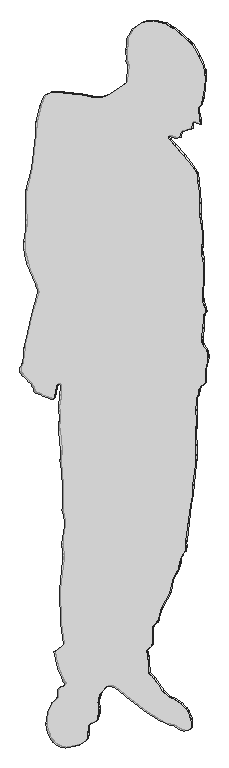
Revit family "Flat Man 09", category Entourage, Revit 2015
Parameters
  Материал = none
  web = "http://dronov.blogspot.com/"
  Height = 0 mm
Reference planes
  plane 1 "Center (Front/Back)": y = 0
  plane 2: z = 0
  plane 3 "Center (Left/Right)": x = 0
Forms (mm)
  Extrusion 1, solid, material <- "Материал"
    sketch origin (0, 0, 0) x (1, 0, 0) y (0, 0, 1)
      loop
        line (174.489, 1433.886) -> (187.804, 1442.414) -> (189.591, 1458.482) -> (209.23, 1460.269) -> (210.989, 1462.448) -> (210.664, 1466.904) -> (209.798, 1471.857) -> (207.37, 1481.768) -> (205.426, 1491.197) -> (205.165, 1495.545) -> (205.304, 1497.596) -> (205.762, 1500.117) -> (206.939, 1502.034) -> (209.137, 1504.922) -> (211.382, 1507.803) -> (212.684, 1509.768) -> (216.643, 1526.497) -> (220.851, 1552.026) -> (223.267, 1578.101) -> (223.128, 1588.61) -> (222.603, 1592.753) -> (222.213, 1594.488) -> (221.731, 1595.974) -> (215.532, 1608.664) -> (206.731, 1622.802) -> (196.948, 1636.025) -> (187.804, 1645.973) -> (185.392, 1647.824) -> (182.676, 1649.375) -> (176.661, 1651.884) -> (164.59, 1656.686) -> (152.84, 1662.27) -> (141.066, 1666.28) -> (129.342, 1668.788) -> (117.74, 1669.867) -> (106.333, 1669.589) -> (95.194, 1668.027) -> (84.397, 1665.254) -> (74.013, 1661.343) -> (64.116, 1656.365) -> (54.78, 1650.393) -> (46.076, 1643.5) -> (38.077, 1635.759) -> (30.858, 1627.242) -> (24.49, 1618.022) -> (19.047, 1608.171) -> (14.601, 1597.761) -> (14.021, 1595.61) -> (13.778, 1593.422) -> (13.96, 1589.22) -> (14.462, 1585.718) -> (14.682, 1583.879) -> (11.503, 1568.164) -> (11.247, 1564.944) -> (11.335, 1561.514) -> (12.814, 1553.121) -> (10.981, 1542.114) -> (13.721, 1538.104) -> (15.482, 1535.436) -> (16.408, 1533.745) -> (12.814, 1492.409) -> (-20.878, 1459.837) -> (-39.049, 1444.488) -> (-58.608, 1431.701) -> (-64.013, 1429.338) -> (-69.698, 1427.777) -> (-81.703, 1426.169) -> (-94.215, 1425.095) -> (-106.823, 1422.771) -> (-156.26, 1409.974) -> (-179.573, 1401.876) -> (-190.13, 1396.741) -> (-199.671, 1390.631) -> (-201.05, 1389.49) -> (-202.391, 1388.15) -> (-204.962, 1384.922) -> (-209.677, 1376.591) -> (-217.548, 1354.956) -> (-228.243, 1312.064) -> (-230.027, 1283.495) -> (-240.74, 1197.786) -> (-255.025, 1140.645) -> (-256.133, 1135.986) -> (-256.859, 1130.947) -> (-257.377, 1119.912) -> (-256.175, 1095.285) -> (-254.845, 1069.679) -> (-255.202, 1057.418) -> (-256.812, 1046.006) -> (-259.037, 1031.47) -> (-260.365, 1013.593) -> (-260.362, 996.299) -> (-259.727, 989.096) -> (-258.596, 983.51) -> (-252.757, 967.295) -> (-245.763, 952.269) -> (-230.027, 924.586) -> (-228.956, 922.531) -> (-228.107, 920.42) -> (-226.731, 916.169) -> (-225.218, 912.109) -> (-224.196, 910.237) -> (-222.885, 908.517) -> (-240.74, 849.593) -> (-256.812, 778.168) -> (-258.835, 769.867) -> (-260.119, 760.982) -> (-261.813, 742.651) -> (-264.577, 725.561) -> (-265.75, 721.762) -> (-267.2, 718.228) -> (-268.968, 714.995) -> (-271.096, 712.101) -> (-271.096, 699.251) -> (-269.144, 697.197) -> (-265.891, 694.65) -> (-257.031, 689.381) -> (-247.615, 684.311) -> (-243.667, 682.012) -> (-240.167, 679.555) -> (-238.767, 677.595) -> (-237.166, 674.675) -> (-235.567, 671.717) -> (-234.652, 670.388) -> (-233.598, 669.244) -> (-233.598, 667.461) -> (-232.557, 666.826) -> (-231.303, 666.259) -> (-228.293, 665.315) -> (-221.212, 664.116) -> (-214.52, 663.696) -> (-211.998, 663.725) -> (-210.384, 663.886) -> (-206.989, 664.308) -> (-203.384, 664.347) -> (-195.989, 663.928) -> (-189.097, 663.936) -> (-187.557, 664.157) -> (-186.119, 664.506) -> (-184.796, 665.005) -> (-183.603, 665.673) -> (-182.868, 666.235) -> (-182.195, 666.878) -> (-181.582, 667.598) -> (-181.023, 668.39) -> (-180.058, 670.169) -> (-179.27, 672.176) -> (-178.107, 676.716) -> (-177.298, 681.691) -> (-175.8, 691.678) -> (-174.638, 696.056) -> (-173.851, 697.952) -> (-172.886, 699.6) -> (-171.103, 704.955) -> (-163.96, 704.955) -> (-164.217, 681.511) -> (-167.531, 656.744) -> (-168, 653.499) -> (-168.136, 650.195) -> (-167.683, 643.595) -> (-165.748, 631.75) -> (-165.45, 627.524) -> (-165.739, 623.519) -> (-167.203, 615.721) -> (-168.385, 607.455) -> (-168.322, 602.864) -> (-167.531, 597.819) -> (-162.177, 547.824) -> (-161.905, 544.723) -> (-162.057, 541.422) -> (-163.068, 534.476) -> (-164.079, 527.507) -> (-164.231, 524.176) -> (-163.96, 521.035) -> (-158.47, 465.365) -> (-158.606, 413.903) -> (-158.741, 411.743) -> (-158.647, 409.53) -> (-157.913, 404.954) -> (-155.264, 395.293) -> (-152.946, 385.116) -> (-152.626, 379.894) -> (-152.801, 377.261) -> (-153.247, 374.617) -> (-158.043, 344.403) -> (-159.221, 328.2) -> (-159.183, 321.277) -> (-158.606, 315.693) -> (-156.808, 304.738) -> (-156.362, 298.37) -> (-156.449, 295.317) -> (-156.818, 292.486) -> (-165.444, 215.94) -> (-163.96, 137.132) -> (-155.031, 88.917) -> (-167.166, 75.943) -> (-173.409, 69.458) -> (-180.032, 63.923) -> (-176.105, 46.344) -> (-169.369, 26.083) -> (-160.822, 7.778) -> (-156.182, 0.809) -> (-153.825, -1.876) -> (-151.463, -3.932) -> (-152.214, -5.794) -> (-153.105, -7.421) -> (-154.115, -8.843) -> (-155.226, -10.089) -> (-157.673, -12.165) -> (-160.289, -13.882) -> (-165.402, -17.163) -> (-166.542, -18.12) -> (-167.588, -19.19) -> (-168.52, -20.401) -> (-169.319, -21.783) -> (-169.974, -23.295) -> (-170.465, -24.798) -> (-171.046, -27.779) -> (-171.244, -33.645) -> (-171.371, -39.383) -> (-171.864, -42.206) -> (-172.298, -43.605) -> (-172.886, -44.997) -> (-174.197, -47.253) -> (-175.868, -49.51) -> (-179.84, -54.014) -> (-183.908, -58.474) -> (-185.697, -60.677) -> (-187.174, -62.856) -> (-193.217, -75.002) -> (-197.888, -88.673) -> (-200.756, -103.063) -> (-201.387, -117.363) -> (-200.728, -124.226) -> (-199.348, -130.764) -> (-197.193, -136.875) -> (-194.207, -142.458) -> (-192.386, -145.02) -> (-190.338, -147.412) -> (-188.055, -149.622) -> (-185.531, -151.637) -> (-182.759, -153.444) -> (-179.732, -155.03) -> (-176.443, -156.384) -> (-172.886, -157.492) -> (-170.17, -158.076) -> (-167.371, -158.418) -> (-161.562, -158.424) -> (-155.536, -157.603) -> (-149.37, -156.049) -> (-136.927, -151.122) -> (-124.85, -144.398) -> (-113.755, -136.633) -> (-104.26, -128.581) -> (-96.981, -120.998) -> (-94.366, -117.618) -> (-92.535, -114.639) -> (-91.639, -112.669) -> (-90.947, -110.684) -> (-90.068, -106.664) -> (-89.544, -98.393) -> (-89.177, -89.764) -> (-88.494, -85.296) -> (-87.18, -80.715) -> (-86.488, -79.163) -> (-85.619, -77.748) -> (-84.596, -76.454) -> (-83.442, -75.263) -> (-80.83, -73.124) -> (-77.962, -71.195) -> (-72.181, -67.421) -> (-69.627, -65.306) -> (-68.513, -64.131) -> (-67.538, -62.856) -> (-65.983, -60.269) -> (-64.713, -57.599) -> (-62.836, -52.124) -> (-60.395, -41.43) -> (-60.068, -39.62) -> (-59.909, -37.813) -> (-59.998, -34.208) -> (-61.16, -27.037) -> (-62.386, -19.92) -> (-62.557, -16.383) -> (-62.449, -14.62) -> (-62.183, -12.861) -> (-60.404, -5.932) -> (-57.839, 1.182) -> (-54.561, 8.228) -> (-50.642, 14.952) -> (-46.158, 21.101) -> (-41.18, 26.423) -> (-35.783, 30.662) -> (-32.95, 32.297) -> (-30.039, 33.567) -> (-29.025, 33.877) -> (-27.942, 34.097) -> (-25.589, 34.284) -> (-23.02, 34.162) -> (-20.272, 33.769) -> (-14.391, 32.312) -> (-8.252, 30.203) -> (12.814, 21.07) -> (69.559, 3.243) -> (103.212, -3.526) -> (117.583, -4.756) -> (123.683, -4.629) -> (128.879, -3.932) -> (132.006, -3.422) -> (135.077, -3.205) -> (141.072, -3.429) -> (152.632, -4.987) -> (158.288, -5.451) -> (161.105, -5.414) -> (163.922, -5.124) -> (166.745, -4.528) -> (169.579, -3.571) -> (172.43, -2.199) -> (175.303, -0.357) -> (177.116, 0.36) -> (178.758, 1.213) -> (180.233, 2.193) -> (181.547, 3.292) -> (182.706, 4.502) -> (183.715, 5.814) -> (184.58, 7.22) -> (185.306, 8.71) -> (186.364, 11.912) -> (186.931, 15.352) -> (187.053, 18.962) -> (186.772, 22.674) -> (185.18, 30.129) -> (182.504, 37.174) -> (179.095, 43.263) -> (177.225, 45.778) -> (175.303, 47.851) -> (171.876, 50.571) -> (167.681, 53.099) -> (157.806, 57.554) -> (137.809, 63.923) -> (125.308, 63.923) -> (117.699, 67.285) -> (110.694, 71.584) -> (97.94, 81.876) -> (85.924, 92.566) -> (79.843, 97.362) -> (73.526, 101.421) -> (72.182, 126.873) -> (70.075, 140.009) -> (68.456, 145.436) -> (67.48, 147.709) -> (66.383, 149.629) -> (66.898, 151.558) -> (67.55, 153.285) -> (68.323, 154.834) -> (69.196, 156.233) -> (71.17, 158.687) -> (73.32, 160.863) -> (77.546, 165.235) -> (79.321, 167.859) -> (80.057, 169.375) -> (80.668, 171.062) -> (81.956, 176.95) -> (82.444, 182.852) -> (82.139, 194.494) -> (81.99, 205.581) -> (82.675, 210.788) -> (83.33, 213.285) -> (84.239, 215.703) -> (85.187, 217.457) -> (86.46, 219.295) -> (89.553, 223.072) -> (92.668, 226.735) -> (93.967, 228.431) -> (94.952, 229.987) -> (97.003, 234.399) -> (98.697, 239.146) -> (101.447, 249.257) -> (107.453, 269.265) -> (128.879, 312.118) -> (136.021, 344.261) -> (150.306, 372.83) -> (152.195, 377.674) -> (153.612, 382.584) -> (155.657, 392.506) -> (157.705, 402.412) -> (159.125, 407.3) -> (161.019, 412.116) -> (162.903, 415.26) -> (165.553, 418.992) -> (168.169, 422.859) -> (169.213, 424.702) -> (169.948, 426.407) -> (171.015, 430.302) -> (171.491, 433.693) -> (171.373, 439.529) -> (170.988, 445.053) -> (171.132, 448.053) -> (171.732, 451.401) -> (184.233, 540.682) -> (188.595, 566.365) -> (190.576, 591.939) -> (196.733, 644.247) -> (198.399, 654.712) -> (199.094, 666.15) -> (198.689, 690.144) -> (197.752, 712.616) -> (197.782, 722.153) -> (198.517, 729.956) -> (199.698, 740.847) -> (199.852, 752.057) -> (198.966, 774.57) -> (199.641, 795.757) -> (200.497, 800.642) -> (201.746, 805.309) -> (203.447, 809.73) -> (205.659, 813.878) -> (205.979, 819.788) -> (207.019, 825.04) -> (208.691, 829.693) -> (210.909, 833.806) -> (213.587, 837.437) -> (216.639, 840.644) -> (223.518, 846.018) -> (223.518, 878.162) -> (228.721, 898.922) -> (230.179, 911.091) -> (229.965, 917.081) -> (229.541, 919.985) -> (228.873, 922.802) -> (228.335, 924.341) -> (227.651, 925.788) -> (225.929, 928.449) -> (221.662, 933.142) -> (217.429, 937.576) -> (215.75, 939.912) -> (215.094, 941.148) -> (214.51, 942.646) -> (214.585, 945.687) -> (214.994, 953.086) -> (216.736, 975.292) -> (219.19, 998.929) -> (220.489, 1008.118) -> (221.872, 1014.52) -> (225.637, 1017.126) -> (225.462, 1020.015) -> (225.302, 1021.008) -> (224.531, 1023.64) -> (223.317, 1026.674) -> (220.247, 1033.553) -> (217.472, 1040.857) -> (216.626, 1044.42) -> (216.415, 1046.137) -> (216.372, 1047.793) -> (218.765, 1103.001) -> (218.269, 1129.977) -> (216.923, 1142.196) -> (214.589, 1153.146) -> (213.91, 1156.773) -> (213.708, 1160.801) -> (214.298, 1169.355) -> (216.372, 1183.502) -> (216.517, 1192.607) -> (215.604, 1201.812) -> (212.801, 1217.425) -> (209.506, 1245.333) -> (208.86, 1271.651) -> (207.954, 1297.194) -> (203.875, 1322.777) -> (202.088, 1340.633) -> (201.33, 1341.881) -> (200.304, 1343.278) -> (197.513, 1346.475) -> (189.431, 1354.16) -> (166.891, 1372.113) -> (142.755, 1388.611) -> (132.677, 1394.477) -> (128.589, 1396.492) -> (125.308, 1397.774) -> (125.308, 1403.128) -> (134.838, 1403.66) -> (142.468, 1405.106) -> (149.107, 1407.35) -> (155.664, 1410.274) -> (159.235, 1426.342) -> (167.677, 1429.995) -> (174.489, 1433.886)
    from -2.5 to 2.5
Lines and regions (mm)
  model lines
    curve 1: line (-150, 0, 0) -> (150, 0, 0)
    curve 2: line (0, -150, 0) -> (0, 150, 0)
Dimensions and locks
  aligned and locked: level to plane 2
